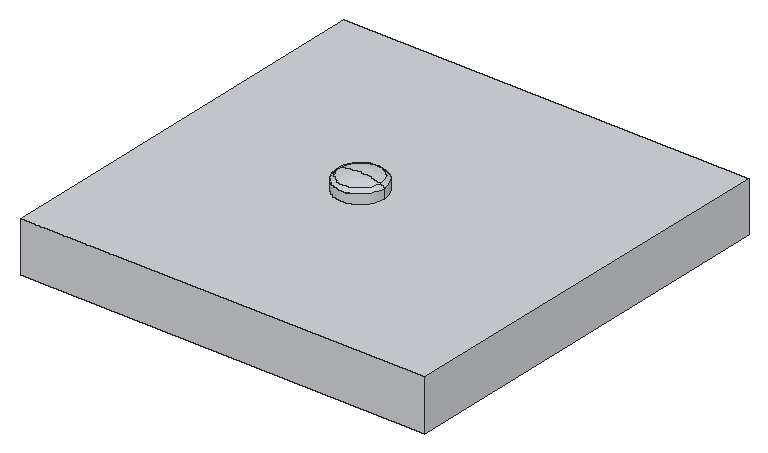
Revit family "komet", category Luminaires, Revit 2021
Family settings
  Hôte = Face
  Cote de connecteur circulaire = Utiliser le rayon
  Type d'élément = Normal
  Numéro OmniClass = 23.80.70.11.17
  Titre OmniClass = Specialized Lighting by Location or Use
  Couper avec des vides une fois chargée = Oui
  Source d'éclairage = Oui
  Partagée = Non
  Point de calcul de pièce = Oui
Parameters (values of type "850704")
  taille diffuseur = diametre / 2 - 21.2 mm  # 123.8 mm
  nbr poles = 1  # constant formula
  longueur = 55 mm
  indice de charge = Eclairage
  hauteur diffuseur = 20 mm
  hauteur collerette = 20 mm
  hauteur = 25 mm
  diametre = 290 mm
  URL = "https://www.resistex-sa.com/fr/komet-2263lm-3000k-1076.html"
  Tension = 230 V  # constant formula
  built-in parameter 1150107 = 3000 (stored number, unit not read)
  Wattage = 19.6 W
  built-in parameter 1150110 = 1 (stored number, unit not read)
  built-in parameter 1150109 = 1 (stored number, unit not read)
  built-in parameter 1114218 = 1 (stored number, unit not read)
  built-in parameter 1150113 = 1 (stored number, unit not read)
  built-in parameter 1150112 = 1 (stored number, unit not read)
  built-in parameter 1150137 = (empty or 0)
  built-in parameter 1150132 = (empty or 0)
  Modèle = "KOMET ø290"
  built-in parameter 1150105 = 3529.6 (stored number, unit not read)
  built-in parameter 1150102 = (empty or 0)
  Type Image = (empty or 0)
  IP = "IP 65"  # constant formula
  IK = "IK 10"  # constant formula
  Gradation des changements de température de couleur de lampe = <Aucun>
  Garantie = "5 ans"  # constant formula
  Lumens = 44354.8 lm
  Color Filter = 16777215
  Fichier de distribution photométrique = "850704.ies"
  built-in parameter 1114217 = 1 (stored number, unit not read)
  built-in parameter 1150139 = (empty or 0)
  Fabricant = "Resistex"  # constant formula
  Emit from Circle Diameter = 609.6 mm
  Emettre la visibilité des formes dans le rendu = no
  Default Elevation = 1219.2 mm
  built-in parameter 1150104 = 210.24 (stored number, unit not read)
  built-in parameter 1150106 = 35.296 (stored number, unit not read)
  built-in parameter 1150115 = 1 (stored number, unit not read)
  built-in parameter 1150114 = 1 (stored number, unit not read)
  Description = "Hublot avec une seule esthétique pour deux optiques : symétrique ou asymétrique (selon modèle)\r\nHublot équipé dune platine LED SMD\r\nDétection HF/Préavis d'extinction\r\nCouleur : Blanc\r\nIP 65, IK 10\r\nVis antivandale\r\nDiam. 290mm x Haut. 95mm\r\nFlux restitué 2862lm\r\nConso. système 23.9W\r\nEfficacité lumineuse produit complet 119.74lm/W\r\nLM80 L80F10 > 102000h (Ta25°C)\r\nSVM 0.001\r\nPstLM 0.006\r\nDiffuseur Polycarbonate Direct/Symétrique Opalescent, Corps en Polycarbonate\r\nIRC >80\r\nGarantie 5 ans\r\nEmpreinte carbone 0.9gCO2/h\r\nIndice de réparabilité 9,4"  # constant formula
  built-in parameter 1150138 = (empty or 0)
  built-in parameter 1150134 = (empty or 0)
  Commentaires relatifs à la puissance = "19.6"
  Apparent Load = 20.2 VA
  Tilt Angle = 60.00°
  built-in parameter 1150133 = 10 (stored number, unit not read)
Types (9, lengths in mm): name | URL | built-in parameter 1150107 | Wattage | Modèle | built-in parameter 1150105 | Lumens | Fichier de distribution photométrique | built-in parameter 1150104 | built-in parameter 1150106 | built-in parameter 1150134 | Commentaires relatifs à la puissance | Apparent Load
  (no name) | "https://www.resistex-sa.com/fr/komet-2263lm-3000k-1076.html" | 3000 (stored number, unit not read) | 19.6 W | "KOMET ø290" | 3529.6 (stored number, unit not read) | 44354.8 lm | "850704.ies" | 210.24 (stored number, unit not read) | 35.296 (stored number, unit not read) | (empty or 0) | "19.6" | 20.2 VA
  850704 | "https://www.resistex-sa.com/fr/komet-2263lm-3000k-1076.html" | 3000 (stored number, unit not read) | 19.6 W | "KOMET ø290" | 3529.6 (stored number, unit not read) | 44354.8 lm | "850704.ies" | 210.24 (stored number, unit not read) | 35.296 (stored number, unit not read) | (empty or 0) | "19.6" | 20.2 VA
  850700 | "https://www.resistex-sa.com/fr/komet-3111lm-bl-4000k-782.html" | 4000 (stored number, unit not read) | 23.4 W | "KOMET ø290" | 4413.2 (stored number, unit not read) | 55458 lm | "850700.ies" | 220.18 (stored number, unit not read) | 44.132 (stored number, unit not read) | 12 | "19.6" | 20.2 VA
  850705 | "https://www.resistex-sa.com/fr/komet-2862lm-hf-pre-3000k-1077.html" | 3000 (stored number, unit not read) | 19.8 W | "KOMET ø290" | 3282 (stored number, unit not read) | 41243.4 lm | "850705_LD.ies" | 193.52 (stored number, unit not read) | 32.82 (stored number, unit not read) | (empty or 0) | "23.9" | 24.63 VA
  850701 | "https://www.resistex-sa.com/fr/komet-3111lm-hf-pre-bl-4000k-783.html" | 4000 (stored number, unit not read) | 19.5 W | "KOMET ø290" | 3581.5 (stored number, unit not read) | 45006 lm | "850701.ies" | 214.42 (stored number, unit not read) | 35.815 (stored number, unit not read) | 12 | "23.9" | 25.15 VA
  850707 | "https://www.resistex-sa.com/fr/komet-2263lm-3000k-1076.html" | 3000 (stored number, unit not read) | 19.5 W | "KOMET ASYM ø290" | 3485.3 (stored number, unit not read) | 43797 lm | "850707.ies" | 208.66 (stored number, unit not read) | 34.853 (stored number, unit not read) | (empty or 0) | "19.5" | 21.66 VA
  850702 | "https://www.resistex-sa.com/fr/komet-2263lm-3000k-1076.html" | 4000 (stored number, unit not read) | 21.6 W | "KOMET ASYM ø290" | 3721.4 (stored number, unit not read) | 46764 lm | "850707.ies" | 201.14 (stored number, unit not read) | 37.214 (stored number, unit not read) | 12 | "21.6" | 22.26 VA
  850706 | "https://www.resistex-sa.com/fr/komet-asym-2246lm-hf-pre-3000k-1128.html" | 3000 (stored number, unit not read) | 19.5 W | "KOMET ASYM ø290" | 3485.3 (stored number, unit not read) | 43797 lm | "850707.ies" | 208.66 (stored number, unit not read) | 34.853 (stored number, unit not read) | (empty or 0) | "19.5" | 21.66 VA
  850703 | "https://www.resistex-sa.com/fr/komet-asym-2165lm-hf-pre-bl-4000k-852.html" | 4000 (stored number, unit not read) | 21.6 W | "KOMET ASYM ø290" | 3721.4 (stored number, unit not read) | 46764 lm | "850703.ies" | 201.14 (stored number, unit not read) | 37.214 (stored number, unit not read) | 12 | "21.6" | 22.26 VA
Reference planes
  plane 1 "Centre (avant/arrière)": y = 0
  plane 2: z = 0
  plane 3 "Centre (gauche/droite)": x = 0
  plane 4 "debut diffuseur": z = 55
  plane 5: x = -145
  plane 6: x = -290
  plane 7: y = 145
  plane 8: y = 290
  plane 9: x = -21.2
  plane 10: z = 95
  plane 11: z = 75
Forms (mm)
  Extrusion 1, solid
    sketch origin (0, 0, 0) x (1, 0, 0) y (0, 1, 0)
      loop
        line (-1219.2, 1219.2) -> (-1219.2, -1219.2) -> (1219.2, -1219.2) -> (1219.2, 1219.2) -> (-1219.2, 1219.2)
    from 0 to -304.8
  Revolve 2, solid
    sketch origin (0.013, 0, -49.916) x (1, 0, 0) y (0, 0, 1)
      loop
        line (0, 104.916) -> (-21.213, 124.916) -> (-21.213, 104.916) -> (0, 104.916)
      axis (-145.013, 104.916) -> (-145.013, 124.916)
    angle from 0 to 360
  Revolve 3, solid
    sketch origin (0, 0, 0) x (1, 0, 0) y (0, 0, 1)
      loop
        line (0.013, 55) -> (-145, 55) -> (-145, 0) -> (0.013, 0) -> (0.013, 55)
      axis (-145, 0) -> (-145, 55)
    angle from 0 to 360
  Revolve 4, solid
    sketch origin (0, 0, 0) x (1, 0, 0) y (0, 0, 1)
      loop
        arc (-21.2, 75) -> (-82.219, 90.452) -> (-145, 95) r 358.69
        line (-145, 95) -> (-145, 75) -> (-21.2, 75)
      axis (-145, 75) -> (-145, 95)
    angle from 0 to 360
Dimensions and locks
  "longueur": plane 4 "debut diffuseur" to Extrusion 1
  equal spacing: plane 3 "Centre (gauche/droite)", plane 5, plane 6
  "diametre": plane 3 "Centre (gauche/droite)" to plane 6
  equal spacing: plane 1 "Centre (avant/arrière)", plane 7, plane 8
  "diametre": plane 1 "Centre (avant/arrière)" to plane 8
  "taille diffuseur": plane 9 to plane 5
  "hauteur collerette": plane 4 "debut diffuseur" to plane 11
  "hauteur diffuseur": plane 11 to plane 10
  aligned and locked: plane 2 to Extrusion 1
  aligned and locked: Revolve 2 sketch curve to plane 5
  aligned and locked: Revolve 3 sketch curve to Revolve 2  (x2)
  aligned and locked: Revolve 3 sketch curve to level
  aligned and locked: Revolve 3 sketch curve to plane 5
  aligned and locked: plane 9 to Revolve 2
  aligned and locked: Revolve 3 to plane 4 "debut diffuseur"
  aligned and locked: Revolve 2 to plane 11
  aligned and locked: level to Extrusion 1
  aligned and locked: Revolve 4 sketch curve to plane 5
Automatic sketch dimensions
  Extrusion 1 sketch curve to Extrusion 1 sketch curve = 2438.4 mm  (x2)
  Revolve 2 sketch curve to plane 4 "debut diffuseur" = 0 mm
  plane 3 "Centre (gauche/droite)" to Revolve 2 sketch curve = 0.013 mm
  Revolve 2 sketch curve to plane 3 "Centre (gauche/droite)" = 21.2 mm
  plane 4 "debut diffuseur" to Revolve 2 sketch curve = 20 mm
  Revolve 2 sketch curve to level = 49.916 mm
  plane 4 "debut diffuseur" to Revolve 2 sketch curve = 275.895 mm
  Revolve 3 sketch curve to plane 5 = 0 mm
  Revolve 3 sketch curve to level = 0 mm
  plane 4 "debut diffuseur" to Revolve 3 sketch curve = 277.108 mm
  Revolve 4 sketch curve to plane 5 = 0 mm
  Revolve 4 sketch curve to plane 9 = 0 mm
  Revolve 4 sketch curve to plane 11 = 0 mm
  Revolve 4 sketch curve to plane 10 = 0 mm
  plane 5 to Revolve 4 sketch curve = 5.576 mm
  Revolve 4 sketch curve to level = 0 mm
  plane 10 to Revolve 4 sketch curve = 237.108 mm
Connectors
  electrical at (0, 0, 0), driven by "nbr poles", driven by "indice de charge", driven by "Tension", driven by "Apparent Load"
    settings: index 1, voltage 230 V, apparent load 0 VA, apparent load phase1 20.2 VA, apparent load phase2 0 VA, apparent load phase3 0 VA, power factor 1, load classification "Eclairage", number of poles 1, system type 31, power factor state 1, is connector primary yes, connector utility no, sub classification motor no, connector description ""
